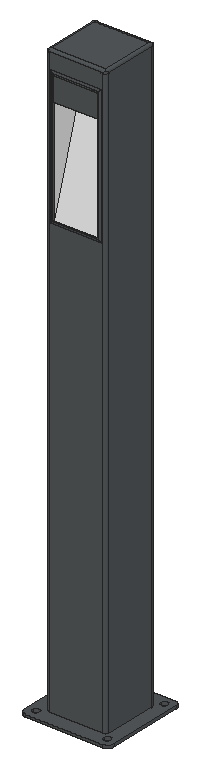
Revit family "svetilnik_alfresco_ar deko_dtu19", category Lighting Fixtures, Revit 2016 (continued)
Definition of nested family "Источник света Ар_Деко"
  Types (5, lengths in mm): name | Photometric Web File | built-in parameter 1150142
      .2       0.2       0.2\r\n       0.2       0.2       0.2       0.2       0.2       0.2       0.2       0.3\r\n       0.2       0.2       0.2       0.2       0.2       0.2       0.2       0.2\r\n       0.2       0.2       0.2       0.2       0.2       0.2       0.2       0.2\r\n       0.2       0.2       0.2       0.2       0.2       0.2       0.2       0.2\r\n       0.2       0.2       0.2       0.2       0.2       0.2       0.2       0.2\r\n       0.2       0.2       0.2       0.2       0.2       0.2       0.2       0.2\r\n       0.2       0.2       0.2       0.2       0.2       0.2       0.2       0.2\r\n       0.2       0.2       0.2       0.2       0.2       0.2       0.2       0.2\r\n       0.2       0.2       0.2       0.2       0.2       0.2       0.2       0.2\r\n       0.2       0.2       0.2       0.2       0.2       0.2       0.2       0.2\r\n       0.2       0.2       0.2       0.2       0.2       0.2       0.2       0.2\r\n       0.2       0.2       0.2       0.2       0.2       0.2       0.2       0.2\r\n       0.2       0.2       0.2       0.2       0.2       0.2       0.2       0.2\r\n       0.2       0.2       0.2       0.2       0.2       0.2       0.2       0.2\r\n       0.2       0.2       0.2       0.2       0.2       0.2       0.2       0.2\r\n       0.2       0.2       0.2       0.2       0.2       0.2       0.2       0.2\r\n       0.2       0.2       0.2       0.2       0.2       0.2       0.2       0.2\r\n       0.2       0.2       0.2       0.2       0.2       0.2       0.2       0.2\r\n       0.2       0.2       0.1       0.1       0.1       0.1       0.1       0.1\r\n       0.0       0.0       0.0       0.0       0.0\r\n       0.0       0.0       0.0       0.0       0.0       0.0       0.0       0.1\r\n       0.2       0.2       0.2       0.2       0.2       0.2       0.2       0.2\r\n       0.2       0.2       0.2       0.2       0.2       0.2       0.2       0.2\r\n       0.2       0.2       0.2       0.2       0.2       0.2       0.2       0.2\r\n       0.2       0.2       0.2       0.2       0.2       0.2       0.2       0.2\r\n       0.2       0.2       0.2       0.2       0.2       0.2       0.2       0.2\r\n       0.2       0.2       0.2       0.2       0.2       0.2       0.2       0.2\r\n       0.2       0.2       0.2       0.2       0.2       0.2       0.2       0.2\r\n       0.2       0.2       0.2       0.2       0.2       0.2       0.2       0.2\r\n       0.2       0.2       0.2       0.2       0.2       0.2       0.2       0.2\r\n       0.2       0.2       0.2       0.2       0.2       0.2       0.2       0.2\r\n       0.2       0.2       0.2       0.2       0.2       0.2       0.2       0.2\r\n       0.2       0.2       0.2       0.2       0.2       0.2       0.2       0.2\r\n       0.2       0.2       0.2       0.2       0.2       0.2       0.2       0.2\r\n       0.2       0.2       0.2       0.2       0.2       0.2       0.2       0.2\r\n       0.2       0.2       0.2       0.2       0.2       0.2       0.2       0.2\r\n       0.2       0.2       0.2       0.2       0.2       0.2       0.2       0.2\r\n       0.2       0.2       0.2       0.2       0.2       0.2       0.2       0.2\r\n       0.2       0.2       0.2       0.2       0.2       0.2       0.2       0.2\r\n       0.2       0.2       0.2       0.2       0.2       0.2       0.2       0.2\r\n       0.2       0.2       0.2       0.2       0.2       0.2       0.2       0.2\r\n       0.2       0.2       0.1       0.1       0.1       0.1       0.1       0.0\r\n       0.0       0.0       0.0       0.0       0.0\r\n       0.0       0.0       0.0       0.0       0.0       0.0       0.0       0.0\r\n       0.1       0.2       0.2       0.2       0.2       0.2       0.2       0.2\r\n       0.2       0.2       0.2       0.2       0.2       0.2       0.2       0.2\r\n       0.2       0.2       0.2       0.2       0.2       0.2       0.2       0.2\r\n       0.2       0.2       0.2       0.2       0.2       0.2       0.2       0.2\r\n       0.2       0.2       0.2       0.2       0.2       0.2       0.2       0.2\r\n       0.2       0.2       0.2       0.2       0.2       0.2       0.2       0.2\r\n       0.2       0.2       0.2       0.2       0.2       0.2       0.2       0.2\r\n       0.2       0.2       0.2       0.2       0.2       0.2       0.2       0.2\r\n       0.2       0.2       0.2       0.2       0.2       0.2       0.2       0.2\r\n       0.2       0.2       0.2       0.2       0.2       0.2       0.2       0.2\r\n       0.2       0.2       0.2       0.2       0.2       0.2       0.2       0.2\r\n       0.2       0.2       0.2       0.2       0.2       0.2       0.2       0.2\r\n       0.2       0.2       0.2       0.2       0.2       0.2       0.2       0.2\r\n       0.2       0.2       0.2       0.2       0.2       0.2       0.2       0.2\r\n       0.2       0.2       0.2       0.2       0.2       0.2       0.2       0.2\r\n       0.2       0.2       0.2       0.2       0.2       0.2       0.2       0.2\r\n       0.2       0.2       0.2       0.2       0.2       0.2       0.2       0.2\r\n       0.2       0.2       0.2       0.2       0.2       0.2       0.2       0.2\r\n       0.2       0.2       0.2       0.2       0.2       0.2       0.2       0.2\r\n       0.2       0.2       0.2       0.2       0.2       0.2       0.2       0.2\r\n       0.2       0.2       0.1       0.1       0.1       0.1       0.0       0.0\r\n       0.0       0.0       0.0       0.0       0.0\r\n       0.0       0.0       0.0       0.0       0.0       0.0       0.0       0.0\r\n       0.1       0.1       0.1       0.2       0.2       0.2       0.2       0.2\r\n       0.2       0.2       0.2       0.2       0.2       0.2       0.2       0.2\r\n       0.2       0.2       0.2       0.2       0.2       0.2       0.2       0.2\r\n       0.2       0.2       0.2       0.2       0.2       0.2       0.2       0.2\r\n       0.2       0.2       0.2       0.2       0.2       0.2       0.2       0.2\r\n       0.2       0.2       0.2       0.2       0.2       0.2       0.2       0.2\r\n       0.2       0.2       0.2       0.2       0.2       0.2       0.2       0.2\r\n       0.2       0.2       0.2       0.2       0.2       0.2       0.2       0.2\r\n       0.2       0.2       0.2       0.2       0.2       0.2       0.2       0.2\r\n       0.2       0.2       0.2       0.2       0.2       0.2       0.2       0.2\r\n       0.2       0.2       0.2       0.2       0.2       0.2       0.2       0.2\r\n       0.2       0.2       0.2       0.2       0.2       0.2       0.2       0.2\r\n       0.2       0.2       0.2       0.2       0.2       0.2       0.2       0.2\r\n       0.2       0.2       0.2       0.2       0.2       0.2       0.2       0.2\r\n       0.2       0.2       0.2       0.2       0.2       0.2       0.2       0.2\r\n       0.2       0.2       0.2       0.2       0.2       0.2       0.2       0.2\r\n       0.2       0.2       0.2       0.2       0.2       0.2       0.2       0.2\r\n       0.2       0.2       0.2       0.2       0.2       0.2       0.2       0.2\r\n       0.2       0.2       0.2       0.2       0.2       0.2       0.2       0.2\r\n       0.2       0.2       0.2       0.2       0.2       0.2       0.2       0.2\r\n       0.2       0.2       0.1       0.1       0.1       0.0       0.0       0.0\r\n       0.0       0.0       0.0       0.0       0.0\r\n       0.0       0.0       0.0       0.0       0.0       0.0       0.0       0.0\r\n       0.1       0.1       0.1       0.1       0.2       0.2       0.2       0.2\r\n       0.2       0.2       0.2       0.2       0.2       0.2       0.2       0.2\r\n       0.2       0.2       0.2       0.2       0.2       0.2       0.2       0.2\r\n       0.2       0.2       0.2       0.2       0.2       0.2       0.2       0.2\r\n       0.2       0.2       0.2       0.2       0.2       0.2       0.2       0.2\r\n       0.2       0.2       0.2       0.2       0.2       0.2       0.2       0.2\r\n       0.2       0.2       0.2       0.2       0.2       0.2       0.2       0.2\r\n       0.2       0.2       0.2       0.2       0.2       0.2       0.2       0.2\r\n       0.2       0.2       0.2       0.2       0.2       0.2       0.2       0.2\r\n       0.2       0.2       0.2       0.2       0.2       0.2       0.2       0.2\r\n       0.2       0.2       0.2       0.2       0.2       0.2       0.2       0.2\r\n       0.2       0.2       0.2       0.2       0.2       0.2       0.2       0.2\r\n       0.2       0.2       0.2       0.2       0.2       0.2       0.2       0.2\r\n       0.2       0.2       0.2       0.2       0.2       0.2       0.2       0.2\r\n       0.2       0.2       0.2       0.2       0.2       0.2       0.2       0.2\r\n       0.2       0.2       0.2       0.2       0.2       0.2       0.2       0.2\r\n       0.2       0.2       0.2       0.2       0.2       0.2       0.2       0.2\r\n       0.2       0.2       0.2       0.2       0.2       0.2       0.2       0.2\r\n       0.2       0.2       0.2       0.2       0.2       0.2       0.2       0.2\r\n       0.2       0.2       0.2       0.2       0.2       0.2       0.2       0.2\r\n       0.2       0.2       0.1       0.1       0.1       0.0       0.0       0.0\r\n       0.0       0.0       0.0       0.0       0.0\r\n       0.0       0.0       0.0       0.0       0.0       0.0       0.0       0.0\r\n       0.1       0.1       0.1       0.1       0.1       0.2       0.2       0.2\r\n       0.2       0.2       0.2       0.2       0.2       0.2       0.2       0.2\r\n       0.2       0.2       0.2       0.2       0.2       0.2       0.2       0.2\r\n       0.2       0.2       0.2       0.2       0.2       0.2       0.2       0.2\r\n       0.2       0.2       0.2       0.2       0.2       0.2       0.2       0.2\r\n       0.2       0.2       0.2       0.2       0.2       0.2       0.2       0.2\r\n       0.2       0.2       0.2       0.2       0.2       0.2       0.2       0.2\r\n       0.2       0.2       0.2       0.2       0.2       0.2       0.2       0.2\r\n       0.2       0.2       0.2       0.2       0.2       0.2       0.2       0.2\r\n       0.2       0.2       0.2       0.2       0.2       0.2       0.2       0.2\r\n       0.2       0.2       0.2       0.2       0.2       0.2       0.2       0.2\r\n       0.2       0.2       0.2       0.2       0.2       0.2       0.2       0.2\r\n       0.2       0.2       0.2       0.2       0.2       0.2       0.2       0.2\r\n       0.2       0.2       0.2       0.2       0.2       0.2       0.2       0.2\r\n       0.2       0.2       0.2       0.2       0.3       0.5       0.2       0.2\r\n       0.2       0.2       0.2       0.2       0.2       0.2       0.2       0.2\r\n       0.2       0.2       0.2       0.2       0.2       0.2       0.2       0.2\r\n       0.2       0.2       0.2       0.2       0.2       0.2       0.2       0.2\r\n       0.2       0.2       0.2       0.2       0.2       0.2       0.2       0.2\r\n       0.2       0.2       0.2       0.2       0.2       0.2       0.2       0.2\r\n       0.2       0.2       0.1       0.1       0.1       0.0       0.0       0.0\r\n       0.0       0.0       0.0       0.0       0.0\r\n       0.0       0.0       0.0       0.0       0.0       0.0       0.0       0.0\r\n       0.1       0.1       0.1       0.1       0.1       0.1       0.2       0.2\r\n       0.1       0.2       0.2       0.1       0.1       0.1       0.2       0.2\r\n       0.2       0.2       0.2       0.2       0.2       0.2       0.2       0.2\r\n       0.2       0.2       0.2       0.2       0.2       0.2       0.2       0.2\r\n       0.2       0.2       0.2       0.2       0.2       0.2       0.2       0.2\r\n       0.2       0.2       0.2       0.2       0.2       0.2       0.2       0.2\r\n       0.2       0.2       0.2       0.2       0.2       0.2       0.2       0.2\r\n       0.2       0.2       0.2       0.2       0.2       0.2       0.2       0.2\r\n       0.2       0.2       0.2       0.2       0.2       0.2       0.2       0.2\r\n       0.2       0.2       0.2       0.2       0.2       0.2       0.2       0.2\r\n       0.2       0.2       0.2       0.2       0.2       0.2       0.2       0.2\r\n       0.2       0.2       0.2       0.2       0.2       0.2       0.2       0.2\r\n       0.2       0.2       0.2       0.2       0.2       0.2       0.2       0.2\r\n       0.2       0.2       0.2       0.2       0.2       0.2       0.2       0.2\r\n       0.2       0.2       0.2       0.2       0.3       0.2       0.2       0.2\r\n       0.2       0.2       0.2       0.2       0.2       0.2       0.2       0.2\r\n       0.2       0.2       0.2       0.2       0.2       0.2       0.2       0.2\r\n       0.2       0.2       0.2       0.2       0.2       0.2       0.2       0.2\r\n       0.2       0.2       0.2       0.2       0.2       0.2       0.2       0.2\r\n       0.2       0.2       0.2       0.2       0.2       0.2       0.2       0.2\r\n       0.2       0.1       0.1       0.1       0.0       0.0       0.0       0.0\r\n       0.0       0.0       0.0       0.0       0.0\r\n       0.0       0.0       0.0       0.0       0.0       0.0       0.0       0.0\r\n       0.1       0.1       0.1       0.1       0.1       0.1       0.1       0.1\r\n       0.1       0.1       0.1       0.2       0.1       0.1       0.2       0.1\r\n       0.2       0.2       0.2       0.2       0.2       0.2       0.2       0.2\r\n       0.2       0.2       0.2       0.2       0.2       0.2       0.2       0.2\r\n       0.2       0.2       0.2       0.2       0.2       0.2       0.2       0.2\r\n       0.2       0.2       0.2       0.2       0.2       0.2       0.2       0.2\r\n       0.2       0.2       0.2       0.2       0.2       0.2       0.2       0.2\r\n       0.2       0.2       0.2       0.2       0.2       0.2       0.2       0.2\r\n       0.2       0.2       0.2       0.2       0.2       0.2       0.2       0.2\r\n       0.2       0.2       0.2       0.2       0.2       0.2       0.2       0.2\r\n       0.2       0.2       0.2       0.2       0.2       0.2       0.2       0.2\r\n       0.2       0.2       0.2       0.2       0.2       0.2       0.2       0.2\r\n       0.2       0.2       0.2       0.2       0.2       0.2       0.2       0.2\r\n       0.2       0.2       0.2       0.2       0.2       0.2       0.2       0.2\r\n       0.2       0.2       0.2       0.2       0.2       0.2       0.2       0.2\r\n       0.2       0.2       0.2       0.2       0.2       0.2       0.2       0.2\r\n       0.2       0.2       0.2       0.2       0.2       0.2       0.2       0.2\r\n       0.2       0.2       0.2       0.2       0.2       0.2       0.2       0.2\r\n       0.2       0.2       0.2       0.2       0.2       0.2       0.2       0.2\r\n       0.2       0.2       0.2       0.2       0.2       0.2       0.1       0.1\r\n       0.1       0.1       0.1       0.1       0.0       0.0       0.0       0.0\r\n       0.0       0.0       0.0       0.0       0.0\r\n       0.0       0.0       0.0       0.0       0.0       0.0       0.0       0.0\r\n       0.1       0.1       0.1       0.1       0.1       0.1       0.1       0.1\r\n       0.1       0.1       0.1       0.1       0.1       0.1       0.2       0.2\r\n       0.1       0.2       0.2       0.2       0.2       0.2       0.2       0.2\r\n       0.2       0.2       0.2       0.2       0.2       0.2       0.2       0.2\r\n       0.2       0.2       0.2       0.2       0.2       0.2       0.2       0.2\r\n       0.2       0.2       0.2       0.2       0.2       0.2       0.2       0.2\r\n       0.2       0.2       0.2       0.2       0.2       0.2       0.2       0.2\r\n       0.2       0.2       0.2       0.2       0.2       0.2       0.2       0.2\r\n       0.2       0.2       0.2       0.2       0.2       0.2       0.2       0.2\r\n       0.2       0.2       0.2       0.2       0.2       0.2       0.2       0.2\r\n       0.2       0.2       0.2       0.2       0.2       0.2       0.2       0.2\r\n       0.2       0.2       0.2       0.2       0.2       0.2       0.2       0.2\r\n       0.2       0.2       0.2       0.2       0.2       0.2       0.2       0.2\r\n       0.2       0.2       0.2       0.2       0.2       0.2       0.2       0.2\r\n       0.2       0.2       0.2       0.2       0.2       0.2       0.2       0.2\r\n       0.2       0.2       0.2       0.2       0.2       0.2  
           0.2       0.2\r\n       0.2       0.2       0.2       0.2       0.2       0.2       0.2       0.2\r\n       0.2       0.2       0.2       0.2       0.2       0.2       0.2       0.2\r\n       0.2       0.2       0.2       0.2       0.2       0.2       0.2       0.2\r\n       0.2       0.2       0.2       0.1       0.1       0.1       0.1       0.1\r\n       0.1       0.1       0.1       0.1       0.0       0.0       0.0       0.0\r\n       0.0       0.0       0.0       0.0       0.0\r\n       0.0       0.0       0.0       0.0       0.0       0.0       0.0       0.0\r\n       0.1       0.1       0.1       0.1       0.1       0.1       0.1       0.1\r\n       0.1       0.1       0.1       0.1       0.1       0.1       0.1       0.1\r\n       0.1       0.2       0.2       0.2       0.2       0.2       0.2       0.2\r\n       0.1       0.2       0.2       0.2       0.2       0.1       0.2       0.1\r\n       0.2       0.2       0.2       0.2       0.2       0.2       0.2       0.2\r\n       0.2       0.2       0.2       0.2       0.2       0.2       0.2       0.2\r\n       0.2       0.2       0.2       0.2       0.2       0.2       0.2       0.2\r\n       0.2       0.2       0.2       0.2       0.2       0.2       0.2       0.2\r\n       0.2       0.2       0.2       0.2       0.2       0.2       0.2       0.2\r\n       0.2       0.2       0.2       0.2       0.2       0.2       0.2       0.2\r\n       0.2       0.2       0.2       0.2       0.2       0.2       0.2       0.2\r\n       0.2       0.2       0.2       0.2       0.2       0.2       0.2       0.2\r\n       0.2       0.2       0.2       0.2       0.2       0.2       0.2       0.2\r\n       0.2       0.2       0.2       0.2       0.2       0.2       0.2       0.2\r\n       0.2       0.2       0.2       0.2       0.2       0.2       0.2       0.2\r\n       0.2       0.2       0.2       0.2       0.2       0.2       0.2       0.1\r\n       0.2       0.2       0.2       0.1       0.2       0.2       0.2       0.2\r\n       0.2       0.2       0.2       0.2       0.2       0.2       0.2       0.2\r\n       0.2       0.2       0.2       0.2       0.2       0.2       0.2       0.1\r\n       0.1       0.1       0.1       0.1       0.1       0.1       0.1       0.1\r\n       0.1       0.1       0.1       0.0       0.0       0.0       0.0       0.0\r\n       0.0       0.0       0.0       0.0       0.0\r\n       0.0       0.0       0.0       0.0       0.0       0.0       0.0       0.0\r\n       0.1       0.1       0.1       0.1       0.1       0.1       0.1       0.1\r\n       0.1       0.1       0.1       0.1       0.1       0.1       0.1       0.1\r\n       0.1       0.1       0.1       0.1       0.1       0.1       0.1       0.1\r\n       0.1       0.1       0.2       0.1       0.2       0.2       0.2       0.1\r\n       0.2       0.2       0.2       0.2       0.2       0.2       0.2       0.2\r\n       0.2       0.2       0.2       0.2       0.2       0.2       0.2       0.2\r\n       0.2       0.2       0.2       0.2       0.2       0.2       0.2       0.2\r\n       0.2       0.2       0.2       0.2       0.2       0.2       0.2       0.2\r\n       0.2       0.2       0.2       0.2       0.2       0.2       0.2       0.2\r\n       0.2       0.2       0.2       0.2       0.2       0.2       0.2       0.2\r\n       0.2       0.2       0.2       0.2       0.2       0.2       0.2       0.2\r\n       0.2       0.2       0.2       0.2       0.2       0.2       0.2       0.2\r\n       0.2       0.2       0.2       0.2       0.2       0.2       0.2       0.2\r\n       0.2       0.2       0.2       0.2       0.2       0.2       0.2       0.2\r\n       0.2       0.2       0.2       0.2       0.2       0.2       0.2       0.2\r\n       0.2       0.2       0.2       0.2       0.2       0.2       0.2       0.2\r\n       0.2       0.2       0.2       0.2       0.2       0.2       0.2       0.2\r\n       0.2       0.2       0.2       0.1       0.1       0.1       0.1       0.1\r\n       0.1       0.1       0.1       0.1       0.1       0.1       0.1       0.1\r\n       0.1       0.1       0.1       0.1       0.1       0.1       0.1       0.1\r\n       0.1       0.1       0.0       0.0       0.0       0.0       0.0       0.0\r\n       0.0       0.0       0.0       0.0       0.0\r\n       0.0       0.0       0.0       0.0       0.0       0.0       0.0       0.0\r\n       0.1       0.1       0.1       0.1       0.1       0.1       0.1       0.1\r\n       0.1       0.1       0.1       0.1       0.1       0.1       0.1       0.1\r\n       0.1       0.1       0.1       0.1       0.1       0.1       0.1       0.1\r\n       0.1       0.1       0.1       0.1       0.1       0.1       0.1       0.1\r\n       0.1       0.1       0.1       0.1       0.1       0.1       0.1       0.1\r\n       0.1       0.1       0.1       0.1       0.1       0.1       0.1       0.1\r\n       0.1       0.1       0.1       0.2       0.1       0.1       0.1       0.2\r\n       0.2       0.2       0.2       0.2       0.2       0.2       0.2       0.2\r\n       0.2       0.2       0.1       0.2       0.2       0.1       0.2       0.2\r\n       0.1       0.2       0.2       0.2       0.2       0.2       0.2       0.2\r\n       0.2       0.2       0.2       0.2       0.2       0.2       0.2       0.2\r\n       0.2       0.2       0.2       0.2       0.2       0.2       0.2       0.2\r\n       0.1       0.2       0.2       0.2       0.2       0.2       0.2       0.1\r\n       0.2       0.2       0.2       0.1       0.2       0.2       0.1       0.1\r\n       0.1       0.1       0.2       0.1       0.1       0.2       0.2       0.1\r\n       0.1       0.1       0.1       0.1       0.1       0.1       0.1       0.1\r\n       0.1       0.1       0.1       0.1       0.1       0.1       0.1       0.1\r\n       0.1       0.1       0.1       0.1       0.1       0.1       0.1       0.1\r\n       0.1       0.1       0.1       0.1       0.1       0.1       0.1       0.1\r\n       0.1       0.1       0.1       0.1       0.1       0.1       0.1       0.1\r\n       0.1       0.1       0.0       0.0       0.0       0.0       0.0       0.0\r\n       0.0       0.0       0.0       0.0       0.0\r\n       0.0       0.0       0.0       0.0       0.0       0.0       0.0       0.0\r\n       0.1       0.1       0.1       0.1       0.1       0.1       0.1       0.1\r\n       0.1       0.1       0.1       0.1       0.1       0.1       0.1       0.1\r\n       0.1       0.1       0.1       0.1       0.1       0.1       0.1       0.1\r\n       0.1       0.1       0.1       0.1       0.1       0.1       0.1       0.1\r\n       0.1       0.1       0.1       0.1       0.1       0.1       0.1       0.1\r\n       0.1       0.1       0.1       0.1       0.1       0.1       0.1       0.1\r\n       0.1       0.1       0.1       0.1       0.1       0.1       0.1       0.1\r\n       0.1       0.1       0.1       0.1       0.1       0.1       0.1       0.1\r\n       0.1       0.1       0.1       0.1       0.1       0.1       0.1       0.1\r\n       0.1       0.1       0.1       0.1       0.1       0.1       0.1       0.1\r\n       0.1       0.1       0.1       0.1       0.1       0.1       0.1       0.1\r\n       0.1       0.1       0.1       0.1       0.1       0.1       0.1       0.1\r\n       0.1       0.1       0.1       0.1       0.1       0.1       0.1       0.1\r\n       0.1       0.1       0.1       0.1       0.1       0.1       0.1       0.1\r\n       0.1       0.1       0.1       0.1       0.1       0.1       0.1       0.1\r\n       0.1       0.1       0.1       0.1       0.1       0.1       0.1       0.1\r\n       0.1       0.1       0.1       0.1       0.1       0.1       0.1       0.1\r\n       0.1       0.1       0.1       0.1       0.1       0.1       0.1       0.1\r\n       0.1       0.1       0.1       0.1       0.1       0.1       0.1       0.1\r\n       0.1       0.1       0.1       0.1       0.1       0.1       0.1       0.1\r\n       0.1       0.1       0.0       0.0       0.0       0.0       0.0       0.0\r\n       0.0       0.0       0.0       0.0       0.0\r\n       0.0       0.0       0.0       0.0       0.0       0.0       0.0       0.0\r\n       0.1       0.1       0.1       0.1       0.1       0.1       0.1       0.1\r\n       0.1       0.1       0.1       0.1       0.1       0.1       0.1       0.1\r\n       0.1       0.1       0.1       0.1       0.1       0.1       0.1       0.1\r\n       0.1       0.1       0.1       0.1       0.1       0.1       0.1       0.1\r\n       0.1       0.1       0.1       0.1       0.1       0.1       0.1       0.1\r\n       0.1       0.1       0.1       0.1       0.1       0.1       0.1       0.1\r\n       0.1       0.1       0.1       0.1       0.1       0.1       0.1       0.1\r\n       0.1       0.1       0.1       0.1       0.1       0.1       0.1       0.1\r\n       0.1       0.1       0.1       0.1       0.1       0.1       0.1       0.1\r\n       0.1       0.1       0.1       0.1       0.1       0.1       0.1       0.1\r\n       0.1       0.1       0.1       0.1       0.1       0.1       0.1       0.1\r\n       0.1       0.1       0.1       0.1       0.1       0.1       0.1       0.1\r\n       0.1       0.1       0.1       0.1       0.1       0.1       0.1       0.1\r\n       0.1       0.1       0.1       0.1       0.1       0.1       0.1       0.1\r\n       0.1       0.1       0.1       0.1       0.1       0.1       0.1       0.1\r\n       0.1       0.1       0.1       0.1       0.1       0.1       0.1       0.1\r\n       0.1       0.1       0.1       0.1       0.1       0.1       0.1       0.1\r\n       0.1       0.1       0.1       0.1       0.1       0.1       0.1       0.1\r\n       0.1       0.1       0.1       0.1       0.1       0.1       0.1       0.1\r\n       0.1       0.1       0.1       0.1       0.1       0.1       0.1       0.1\r\n       0.1       0.1       0.0       0.0       0.0       0.0       0.0       0.0\r\n       0.0       0.0       0.0       0.0       0.0\r\n       0.0       0.0       0.0       0.0       0.0       0.0       0.0       0.0\r\n       0.1       0.1       0.1       0.1       0.1       0.1       0.1       0.1\r\n       0.1       0.1       0.1       0.1       0.1       0.1       0.1       0.1\r\n       0.1       0.1       0.1       0.1       0.1       0.1       0.1       0.1\r\n       0.1       0.1       0.1       0.1       0.1       0.1       0.1       0.1\r\n       0.1       0.1       0.1       0.1       0.1       0.1       0.1       0.1\r\n       0.1       0.1       0.1       0.1       0.1       0.1       0.2       0.2\r\n       0.2       0.1       0.1       0.2       0.2       0.2       0.1       0.2\r\n       0.1       0.2       0.2       0.2       0.2       0.2       0.2       0.2\r\n       0.2       0.2       0.2       0.2       0.2       0.2       0.2       0.2\r\n       0.2       0.2       0.2       0.2       0.2       0.2       0.2       0.2\r\n       0.2       0.2       0.2       0.2       0.2       0.2       0.2       0.2\r\n       0.2       0.2       0.2       0.2       0.2       0.2       0.2       0.2\r\n       0.2       0.2       0.2       0.2       0.2       0.2       0.2       0.2\r\n       0.2       0.2       0.2       0.2       0.2       0.2       0.1       0.1\r\n       0.1       0.2       0.1       0.1       0.1       0.1       0.1       0.1\r\n       0.1       0.1       0.1       0.1       0.1       0.1       0.1       0.1\r\n       0.1       0.1       0.1       0.1       0.1       0.1       0.1       0.1\r\n       0.1       0.1       0.1       0.1       0.1       0.1       0.1       0.1\r\n       0.1       0.1       0.1       0.1       0.1       0.1       0.1       0.1\r\n       0.1       0.1       0.1       0.1       0.1       0.1       0.1       0.1\r\n       0.1       0.1       0.0       0.0       0.0       0.0       0.0       0.0\r\n       0.0       0.0       0.0       0.0       0.0\r\n       0.0       0.0       0.0       0.0       0.0       0.0       0.0       0.0\r\n       0.1       0.1       0.1       0.1       0.1       0.1       0.1       0.1\r\n       0.1       0.1       0.1       0.1       0.1       0.1       0.1       0.1\r\n       0.1       0.1       0.1       0.1       0.1       0.1       0.2       0.2\r\n       0.2       0.2       0.2       0.2       0.2       0.2       0.2       0.2\r\n       0.2       0.2       0.2       0.2       0.2       0.2       0.2       0.2\r\n       0.2       0.2       0.2       0.2       0.2       0.2       0.2       0.2\r\n       0.2       0.2       0.2       0.2       0.2       0.2       0.2       0.2\r\n       0.2       0.2       0.2       0.2       0.2       0.2       0.2       0.2\r\n       0.2       0.2       0.2       0.2       0.2       0.2       0.2       0.2\r\n       0.2       0.2       0.2       0.2       0.2       0.2       0.2       0.2\r\n       0.2       0.2       0.2       0.2       0.2       0.2       0.2       0.2\r\n       0.2       0.2       0.2       0.2       0.2       0.2       0.2       0.2\r\n       0.2       0.2       0.2       0.2       0.2       0.2       0.2       0.2\r\n       0.2       0.2       0.2       0.2       0.2       0.2       0.2       0.2\r\n       0.2       0.2       0.2       0.2       0.2       0.2       0.2       0.2\r\n       0.2       0.2       0.2       0.2       0.2       0.2       0.2       0.2\r\n       0.2       0.2       0.2       0.2       0.2       0.2       0.2       0.2\r\n       0.2       0.2       0.2       0.2       0.2       0.1       0.1       0.1\r\n       0.1       0.1       0.1       0.1       0.1       0.1       0.1       0.1\r\n       0.1       0.1       0.1       0.1       0.1       0.1       0.1       0.1\r\n       0.1       0.1       0.0       0.0       0.0       0.0       0.0       0.0\r\n       0.0       0.0       0.0       0.0       0.0\r\n       0.0       0.0       0.0       0.0       0.0       0.0       0.0       0.0\r\n       0.1       0.1       0.1       0.1       0.1       0.1       0.1       0.1\r\n       0.1       0.1       0.1       0.1       0.1       0.1       0.2       0.2\r\n       0.2       0.2       0.2       0.2       0.2       0.2       0.2       0.2\r\n       0.2       0.2       0.2       0.2       0.2       0.2       0.2       0.2\r\n       0.2       0.2       0.2       0.2       0.2       0.2       0.2       0.2\r\n       0.2       0.2       0.2       0.2       0.2       0.2       0.2       0.2\r\n       0.2       0.2       0.2       0.2       0.2       0.2       0.2       0.2\r\n       0.2       0.2       0.2       0.2       0.2       0.2       0.2       0.2\r\n       0.2       0.2       0.2       0.2       0.2       0.2       0.2       0.2\r\n       0.2       0.2       0.2       0.2       0.2       0.2       0.2       0.2\r\n       0.2       0.2       0.2       0.2       0.2       0.2       0.2       0.2\r\n       0.2       0.2       0.2       0.2       0.2       0.2       0.2       0.2\r\n       0.2       0.2       0.2       0.2       0.2       0.2       0.2       0.2\r\n       0.2       0.2       0.2       0.2       0.2       0.2       0.2       0.2\r\n       0.2       0.2       0.2       0.2       0.2       0.2       0.2       0.2\r\n       0.2       0.2       0.2       0.2       0.2       0.2       0.2       0.2\r\n       0.2       0.2       0.2       0.2       0.2       0.2       0.2       0.2\r\n       0.2       0.2       0.2       0.2       0.2       0.2       0.2       0.2\r\n       0.2       0.2       0.1       0.2       0.2       0.1       0.1       0.1\r\n       0.1       0.1       0.1       0.1       0.1       0.1       0.1       0.1\r\n       0.1       0.1       0.1       0.0       0.0       0.0       0.0       0.0\r\n       0.0       0.0       0.0       0.0       0.0\r\n       0.0       0.0       0.0       0.0       0.0       0.0       0.0       0.0\r\n       0.1       0.1       0.1       0.1       0.1       0.1       0.1       0.1\r\n       0.1       0.2       0.2       0.2       0.2       0.2       0.2       0.2\r\n       0.2       0.2       0.2       0.2       0.2       0.2       0.2       0.2\r\n       0.2       0.2       0.2       0.2       0.2       0.2       0.2       0.2\r\n       0.2       0.2       0.2       0.2       0.2       0.2       0.2       0.2\r\n       0.2       0.2       0.2       0.2       0.2       0.2       0.2       0.2\r\n       0.2       0.2       0.2       0.2       0.2       0.2       0.2       0.2\r\n       0.2    
